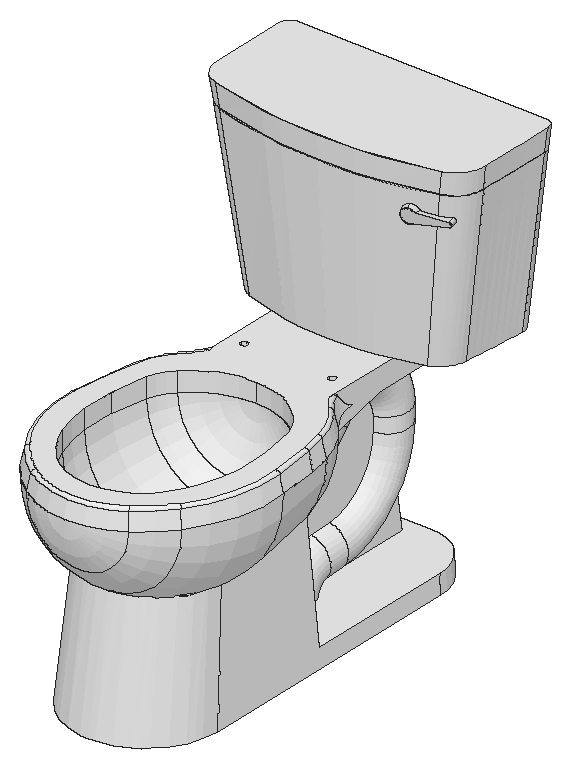
Revit family "Plumbing-Pressure-Assist-Water-Closet-Sloan-Valve-WETS-80098116_", category Plumbing Fixtures, host Face, Revit 2019
Family settings
  Host = Face
  Round Connector Dimension = Use Diameter
  Part Type = Normal
  OmniClass Number = 23.45.05.21.11.11
  OmniClass Title = Water Operated Water Closets
  Cut with Voids When Loaded = No
  Shared = No
  Room Calculation Point = No
Parameters (values of type "WETS-8009.8116")
  Width = 18 1/4"  # constant formula
  Water Closet Code = "2108009"
  Valve Pressure Drop = 0.00 psi
  Tank Code = "2108116"
  Sanitary Drain Connector Description = "Sanitary Drain Connector d2 1/8\""
  Sanitary Drain Connection Diameter = 2 1/8"  # constant formula
  Real Distance to Wall [instance] = if(Distance to Wall < 3/4", 3/4", Distance to Wall)  # 3/4"
  Waste Connection = yes
  WFU = 10
  Vent Connection = yes
  URL = "www.sloanvalve.com"
  Product data url = "https://bimobject.com/sloan_valve/product/pressure-assist-water-closets_sloan_wets-80098116"
  Product Material = Sloan Valve - Vitreous China - White
  Product Guid = ""
  Part Number = "WETS-8009.8116"
  Model = "WETS-8009.8116"
  Minimum Static Pressure = "25 PSI (138 kPa)"  # constant formula
  Maximum Static Pressure = "80 PSI (552 kPa)"  # constant formula
  Manufacturer = "Sloan Valve"  # constant formula
  Keynote = "15410"
  Height = 28 1/4"  # constant formula
  HWFU = 0
  HW Connection = yes
  Flush Rate = "1.0 gpf (3.8 Lpf)"
  Depth = 30 3/8"  # constant formula
  Cold Water Connector Description = "Cold Water Connector d1/2\""
  Cold Water Connection Diameter = 1/2"  # constant formula
  Edition number = 1
  Distance to Wall [instance] = 3/4"
  Description = "Floor-Mounted 1.0 gpf (3.8 Lpf) 12\" Rough-in Pressure-Assisted/Tank Toilet."
  Default Elevation = 0"
  CWFU = 10
  CW Connection = yes
  Assembly Code = "D2010"
  ADA Compliant [instance] = 1 = 2  # no
Reference planes
  plane 1 "Center (Front/Back)": y = 0
  plane 2: z = 0
  plane 3 "Center (Left/Right)": x = 0
  plane 4: x = -201.612
  plane 5: x = 201.613
  plane 6: y = -762.786
  plane 7: y = -19.05
  plane 8: x = -201.612
  plane 9: x = 201.613
  plane 10: y = -756.436
  plane 11: y = -12.7
Forms (mm)
  Blend 1, solid, material "Sloan Valve - Vitreous China - White" <- "Product Material"
    base sketch origin (0, 0, 0) x (1, 0, 0) y (0, 1, 0)
      loop
        arc (-34.925, -45.045) -> (-97.787, -71.084) -> (-123.825, -133.945) r 88.9
        line (-123.825, -133.945) -> (-123.825, -615.95)
        arc (-123.825, -615.95) -> (0, -739.775) -> (123.825, -615.95) r 123.825
        line (123.825, -615.95) -> (123.825, -133.945)
        arc (123.825, -133.945) -> (97.787, -71.084) -> (34.925, -45.045) r 88.9
        line (34.925, -45.045) -> (-34.925, -45.045)
    top sketch origin (0, 0, 0) x (1, 0, 0) y (0, 1, 0)
      loop
        arc (-109.537, -584.301) -> (0, -693.838) -> (109.537, -584.301) r 109.537
        line (109.537, -584.301) -> (109.537, -133.945)
        arc (109.537, -133.945) -> (83.499, -71.084) -> (20.637, -45.045) r 88.9
        line (20.637, -45.045) -> (-20.637, -45.045)
        arc (-20.637, -45.045) -> (-83.499, -71.084) -> (-109.537, -133.945) r 88.9
        line (-109.537, -133.945) -> (-109.537, -584.301)
    from 0 to 312.058
  Extrusion 2, solid, material "Sloan Valve - Vitreous China - White" <- "Product Material"
    sketch origin (0, 0, -25.4) x (0, 1, 0) y (0, 0, 1)
      loop
        line (-369.05, 348.14) -> (-241.882, 379.846) -> (-70.211, 379.846) -> (-64.931, 440.2) -> (-185.947, 440.2)
        arc (-185.947, 440.2) -> (-192.127, 425.28) -> (-207.047, 419.1) r 21.1
        line (-207.047, 419.1) -> (-369.05, 419.1) -> (-369.05, 348.14)
    from -104.047 to 104.047
  Sweep 3, solid, material "Sloan Valve - Vitreous China - White" <- "Product Material"
    path origin (0, 0, 0) x (0, 1, 0) y (0, 0, 1)
      loop
        line (-304.8, 0) -> (-304.8, 30.289)
        arc (-304.8, 30.289) -> (-293.174, 59.429) -> (-264.682, 72.564) r 42.333
        line (-264.682, 72.564) -> (-226.487, 74.566)
        arc (-226.487, 74.566) -> (-134.627, 116.914) -> (-97.145, 210.864) r 136.485
        line (-97.145, 210.864) -> (-97.145, 236.948)
        arc (-97.145, 236.948) -> (-144.28, 307.387) -> (-227.373, 290.682) r 76.2
        arc (-227.373, 290.682) -> (-233.15, 284.615) -> (-238.657, 278.301) r 192.236
        arc (-238.657, 278.301) -> (-334.604, 206.706) -> (-452.54, 186.145) r 257.901
    profile origin (0, -304.8, 15.145) x (0, -1, 0) y (1, 0, 0)
      loop
        circle (0, 0) r 38.1
  Extrusion 4, solid, material "Sloan Valve - Vitreous China - White" <- "Product Material"
    sketch origin (22.443, 0, 0) x (0, 1, 0) y (0, 0, 1)
      loop
        line (-68.2, 389.4) -> (-235.377, 389.4) -> (-261.569, 382.87) -> (-496.95, 175.082) -> (-484.132, 28.575) -> (-70.397, 28.575)
        arc (-70.397, 28.575) -> (-82.455, 126.803) -> (-68.088, 224.72) r 370.607
        arc (-68.088, 224.72) -> (-59.936, 265.377) -> (-58.507, 306.818) r 254
        arc (-58.507, 306.818) -> (-61.916, 348.278) -> (-68.2, 389.4) r 598.021
    from -28.793 to -16.093
  Extrusion 5, solid, not visible
    sketch origin (0, 0, 0) x (1, 0, 0) y (0, 0, 1)
      loop
        circle (-152.4, 254) r 6.35
    from 0 to 0.794
  Blend 6, solid, material "Sloan Valve - Vitreous China - White" <- "Product Material"
    base sketch origin (0, 0.822, 430.81) x (1, 0, 0) y (0, 1, 0)
      loop
        line (-196.16, -48.519) -> (-186.739, -156.202)
        arc (-186.739, -156.202) -> (-176.518, -182.59) -> (-153.766, -199.416) r 50.8
        arc (-153.766, -199.416) -> (0, -226.96) -> (153.766, -199.416) r 442.975
        arc (153.766, -199.416) -> (176.518, -182.59) -> (186.739, -156.202) r 50.8
        line (186.739, -156.202) -> (196.16, -48.519)
        arc (196.16, -48.519) -> (191.227, -33.989) -> (177.182, -27.809) r 19.05
        line (177.182, -27.809) -> (-177.182, -27.809)
        arc (-177.182, -27.809) -> (-191.227, -33.989) -> (-196.16, -48.519) r 19.05
    top sketch origin (0, 0.822, 430.81) x (1, 0, 0) y (0, 1, 0)
      loop
        arc (-212.725, -19.872) -> (-226.195, -25.451) -> (-231.775, -38.922) r 19.05
        line (-231.775, -38.922) -> (-231.775, -172.47)
        arc (-231.775, -172.47) -> (-221.507, -203.094) -> (-194.854, -221.338) r 50.8
        arc (-194.854, -221.338) -> (0, -248.472) -> (194.854, -221.338) r 713.209
        arc (194.854, -221.338) -> (221.507, -203.094) -> (231.775, -172.47) r 50.8
        line (231.775, -172.47) -> (231.775, -38.922)
        arc (231.775, -38.922) -> (226.195, -25.451) -> (212.725, -19.872) r 19.05
        line (212.725, -19.872) -> (-212.725, -19.872)
    from -37.11 to 286.74
  Revolve 7, solid, material "Sloan Valve - Vitreous China - White" <- "Product Material"
    sketch origin (0, -107.509, 360.363) x (1, 0, 0) y (0, 1, 0)
      loop
        line (0, -683.066) -> (0, -633.619)
        arc (0, -633.619) -> (-54.455, -620.155) -> (-96.361, -582.866) r 116.854
        arc (-96.361, -582.866) -> (-108.844, -562.27) -> (-118.928, -540.399) r 213.603
        arc (-118.928, -540.399) -> (-129.044, -507.813) -> (-134.203, -474.085) r 228.843
        arc (-134.203, -474.085) -> (-133.643, -413.542) -> (-122.68, -353.997) r 350.763
        arc (-122.68, -353.997) -> (-114.097, -332.991) -> (-100.788, -314.61) r 95.25
        arc (-100.788, -314.61) -> (-55.004, -282.028) -> (0, -270.524) r 137.251
        line (0, -270.524) -> (0, -209.239)
        arc (0, -209.239) -> (-18.194, -209.694) -> (-36.342, -211.057) r 364.157
        arc (-36.342, -211.057) -> (-122.715, -249.087) -> (-170.133, -330.684) r 152.4
        arc (-170.133, -330.684) -> (-180.229, -386.679) -> (-186.583, -443.221) r 855.912
        arc (-186.583, -443.221) -> (-178.018, -528.288) -> (-140.189, -604.962) r 240.102
        arc (-140.189, -604.962) -> (-116.352, -632.223) -> (-88.426, -655.277) r 223.457
        arc (-88.426, -655.277) -> (-46.345, -675.956) -> (0, -683.066) r 154.581
      axis (0, -209.239) -> (0, -683.066)
    angle from 0 to 180
  Extrusion 8, solid, material "Vitreous China-Sloan-White"
    sketch origin (0, -122.297, -1.685) x (1, 0, 0) y (0, 0, 1)
      loop
        arc (57.698, 221.011) -> (0.981, 212.195) -> (-56.307, 215.748) r 266.082
        line (-56.307, 215.748) -> (-39.243, 151.174)
        arc (-39.243, 151.174) -> (0, 120.954) -> (39.243, 151.174) r 40.59
        line (39.243, 151.174) -> (57.698, 221.011)
    from 346.299 to 429.496
  Blend 9, solid, material "Sloan Valve - Vitreous China - White" <- "Product Material"
    base sketch origin (0, -108.545, 375.1) x (1, 0, 0) y (0, 0, 1)
      loop
        line (25.325, -14.42) -> (-25.325, -14.42) -> (-25.325, -20.654)
        arc (-25.325, -20.654) -> (0, -45.979) -> (25.325, -20.654) r 25.325
        line (25.325, -20.654) -> (25.325, -14.42)
    top sketch origin (0, -108.545, 375.1) x (1, 0, 0) y (0, 0, 1)
      loop
        line (46.038, -14.42) -> (-46.037, -14.42) -> (-46.037, -23.887)
        arc (-46.037, -23.887) -> (0, -69.925) -> (46.038, -23.887) r 46.037
        line (46.038, -23.887) -> (46.038, -14.42)
    from 129.035 to 108.105
  Blend 10, solid, material "Sloan Valve - Vitreous China - White" <- "Product Material"
    base sketch origin (0, -108.545, 375.1) x (1, 0, 0) y (0, 0, 1)
      loop
        line (46.038, -14.42) -> (-46.037, -14.42) -> (-46.037, -23.887)
        arc (-46.037, -23.887) -> (0, -69.925) -> (46.038, -23.887) r 46.037
        line (46.038, -23.887) -> (46.038, -14.42)
    top sketch origin (0, -108.545, 375.1) x (1, 0, 0) y (0, 0, 1)
      loop
        line (46.038, -14.42) -> (-46.037, -14.42) -> (-46.037, -43.731)
        arc (-46.037, -43.731) -> (0, -89.769) -> (46.038, -43.731) r 46.038
        line (46.038, -43.731) -> (46.038, -14.42)
    from 108.105 to 38.1
  Sweep 11, solid, material "Sloan Valve - Vitreous China - White" <- "Product Material"
    path origin (0, -122.297, 0) x (0, 1, 0) y (0, 0, 1)
      loop
        arc (-352.549, 201.173) -> (-327.484, 201.16) -> (-302.744, 205.182) r 155.194
        arc (-302.744, 205.182) -> (-278.132, 217.142) -> (-260.549, 238.11) r 65.532
        arc (-260.549, 238.11) -> (-246.125, 268.805) -> (-234.718, 300.744) r 352.298
        arc (-234.718, 300.744) -> (-234.446, 301.431) -> (-234.066, 302.064) r 4.499
        arc (-234.066, 302.064) -> (-210.936, 321.963) -> (-181.277, 329.121) r 65.024
        line (-181.277, 329.121) -> (-115.283, 329.121)
    profile origin (0, -270.577, 329.121) x (0, 0, 1) y (1, 0, 0)
      loop
        line (25.325, -25.325) -> (25.325, 25.325)
        arc (25.325, 25.325) -> (0, 0) -> (25.325, -25.325) r 25.325
  Sweep 12, solid, material "Sloan Valve - Vitreous China - White" <- "Product Material"
    path origin (0, 0, 0) x (1, 0, 0) y (0, 1, 0)
      loop
        line (-104.047, -185.947) -> (-104.047, -295.646)
        arc (-104.047, -295.646) -> (-111.251, -333.222) -> (-131.841, -365.47) r 101.6
        arc (-131.841, -365.47) -> (-155.982, -399.201) -> (-170.133, -438.192) r 152.4
        arc (-170.133, -438.192) -> (-174.125, -457.895) -> (-177.652, -477.686) r 855.912
        arc (-177.652, -477.686) -> (-182.903, -514.112) -> (-186.583, -550.729) r 855.912
        arc (-186.583, -550.729) -> (-178.018, -635.797) -> (-140.189, -712.47) r 240.102
        arc (-140.189, -712.47) -> (-116.352, -739.732) -> (-88.426, -762.786) r 223.457
        arc (-88.426, -762.786) -> (0, -790.575) -> (88.426, -762.786) r 154.581
        arc (88.426, -762.786) -> (116.352, -739.732) -> (140.189, -712.47) r 223.457
        arc (140.189, -712.47) -> (178.018, -635.797) -> (186.583, -550.729) r 240.102
        arc (186.583, -550.729) -> (182.903, -514.112) -> (177.652, -477.686) r 855.912
        arc (177.652, -477.686) -> (174.125, -457.895) -> (170.133, -438.192) r 855.912
        arc (170.133, -438.192) -> (155.982, -399.201) -> (131.841, -365.47) r 152.4
        arc (131.841, -365.47) -> (111.251, -333.222) -> (104.047, -295.646) r 101.6
        line (104.047, -295.646) -> (104.047, -185.947)
    profile origin (0, -790.575, 0) x (0, 1, 0) y (0, 0, 1)
      loop
        line (0, 360.362) -> (18.191, 360.362) -> (18.191, 393.7) -> (12.748, 393.7)
        arc (12.748, 393.7) -> (8.795, 392.32) -> (6.56, 388.778) r 6.35
        line (6.56, 388.778) -> (0, 360.362)
  Extrusion 13, void
    sketch origin (0, 0, 0) x (1, 0, 0) y (0, 1, 0)
      loop
        arc (118.928, -647.907) -> (129.044, -615.321) -> (134.203, -581.593) r 228.843
        arc (134.203, -581.593) -> (135.243, -552.98) -> (133.946, -524.377) r 350.763
        arc (133.946, -524.377) -> (129.747, -492.684) -> (122.68, -461.506) r 350.763
        arc (122.68, -461.506) -> (114.097, -440.499) -> (100.788, -422.119) r 95.25
        arc (100.788, -422.119) -> (55.004, -389.536) -> (0, -378.032) r 137.251
        arc (0, -378.032) -> (-55.004, -389.536) -> (-100.788, -422.119) r 137.251
        arc (-100.788, -422.119) -> (-114.097, -440.499) -> (-122.68, -461.506) r 95.25
        arc (-122.68, -461.506) -> (-129.747, -492.684) -> (-133.946, -524.377) r 350.763
        arc (-133.946, -524.377) -> (-135.243, -552.98) -> (-134.203, -581.593) r 350.763
        arc (-134.203, -581.593) -> (-129.044, -615.321) -> (-118.928, -647.907) r 228.843
        arc (-118.928, -647.907) -> (-108.844, -669.778) -> (-96.361, -690.375) r 213.603
        arc (-96.361, -690.375) -> (-54.455, -727.664) -> (0, -741.127) r 116.854
        arc (0, -741.127) -> (54.455, -727.664) -> (96.361, -690.375) r 116.854
        arc (96.361, -690.375) -> (108.844, -669.778) -> (118.928, -647.907) r 213.603
    from 360.362 to 393.7
  Extrusion 14, solid, material "Sloan Valve - Vitreous China - White" <- "Product Material"
    sketch origin (0, 0, 0) x (1, 0, 0) y (0, 1, 0)
      loop
        arc (-168.448, -552.159) -> (-160.532, -630.781) -> (-125.569, -701.646) r 221.912
        arc (-125.569, -701.646) -> (-103.673, -726.688) -> (-78.02, -747.865) r 205.266
        arc (-78.02, -747.865) -> (0, -772.384) -> (78.02, -747.865) r 136.39
        arc (78.02, -747.865) -> (103.673, -726.688) -> (125.569, -701.646) r 205.266
        arc (125.569, -701.646) -> (160.532, -630.781) -> (168.448, -552.159) r 221.912
        arc (168.448, -552.159) -> (164.847, -516.319) -> (159.708, -480.668) r 837.721
        arc (159.708, -480.668) -> (156.255, -461.297) -> (152.348, -442.013) r 837.721
        arc (152.348, -442.013) -> (139.886, -407.676) -> (118.627, -377.971) r 134.209
        arc (118.627, -377.971) -> (110.867, -368.903) -> (104.047, -359.107) r 119.791
        line (104.047, -359.107) -> (104.047, -369.05) -> (-104.047, -369.05) -> (-104.047, -359.107)
        arc (-104.047, -359.107) -> (-110.867, -368.903) -> (-118.627, -377.971) r 119.791
        arc (-118.627, -377.971) -> (-139.886, -407.676) -> (-152.348, -442.013) r 134.209
        arc (-152.348, -442.013) -> (-156.255, -461.297) -> (-159.708, -480.668) r 837.721
        arc (-159.708, -480.668) -> (-164.847, -516.319) -> (-168.448, -552.159) r 837.721
    from 360.362 to 393.7
  Extrusion 15, void
    sketch origin (0, 0, 0) x (0, 1, 0) y (0, 0, 1)
      loop
        line (-419.1, 368.114) -> (-395.566, 31.564) -> (-10.202, 31.564) -> (-10.202, 368.114) -> (-419.1, 368.114)
    from -219.74 to 304.8
  Revolve 16, void
    sketch origin (0, -107.509, 360.363) x (1, 0, 0) y (0, 1, 0)
      loop
        line (0, -639.969) -> (0, -264.174)
        arc (0, -264.174) -> (-57.549, -276.21) -> (-105.451, -310.3) r 143.601
        arc (-105.451, -310.3) -> (-119.647, -329.906) -> (-128.802, -352.313) r 101.6
        arc (-128.802, -352.313) -> (-139.964, -412.935) -> (-140.534, -474.574) r 357.113
        arc (-140.534, -474.574) -> (-135.232, -509.238) -> (-124.835, -542.728) r 235.193
        arc (-124.835, -542.728) -> (-114.451, -565.249) -> (-101.598, -586.458) r 219.953
        arc (-101.598, -586.458) -> (-57.414, -625.773) -> (0, -639.969) r 123.204
      axis (0, -264.174) -> (0, -639.969)
    angle from 0 to 180
  Extrusion 17, void
    sketch origin (0, 0, 0) x (1, 0, 0) y (0, 1, 0)
      loop
        arc (-212.725, -19.05) -> (-226.195, -24.63) -> (-231.775, -38.1) r 19.05
        line (-231.775, -38.1) -> (-231.775, -171.649)
        arc (-231.775, -171.649) -> (-221.507, -202.272) -> (-194.854, -220.516) r 50.8
        arc (-194.854, -220.516) -> (0, -247.65) -> (194.854, -220.516) r 713.209
        arc (194.854, -220.516) -> (221.507, -202.272) -> (231.775, -171.649) r 50.8
        line (231.775, -171.649) -> (231.775, -38.1)
        arc (231.775, -38.1) -> (226.195, -24.63) -> (212.725, -19.05) r 19.05
        line (212.725, -19.05) -> (-212.725, -19.05)
      loop
        line (-225.425, -38.1) -> (-225.425, -171.649)
        arc (-225.425, -171.649) -> (-216.441, -198.444) -> (-193.119, -214.408) r 44.45
        arc (-193.119, -214.408) -> (0, -241.3) -> (193.119, -214.408) r 706.859
        arc (193.119, -214.408) -> (216.441, -198.444) -> (225.425, -171.649) r 44.45
        line (225.425, -171.649) -> (225.425, -38.1)
        arc (225.425, -38.1) -> (221.705, -29.12) -> (212.725, -25.4) r 12.7
        line (212.725, -25.4) -> (-212.725, -25.4)
        arc (-212.725, -25.4) -> (-221.705, -29.12) -> (-225.425, -38.1) r 12.7
    from 678.093 to 679.681
  Extrusion 18, void
    sketch origin (0, 0, 0) x (1, 0, 0) y (0, 1, 0)
      loop
        circle (-76.2, -307.975) r 6.35
      loop
        circle (76.2, -307.975) r 6.35
    from 341.312 to 499.954
  Blend 19, solid, material "Sloan Valve - Vitreous China - White" <- "Product Material", not visible
    base sketch origin (0, 6.35, 0) x (1, 0, 0) y (0, 1, 0)
      loop
        arc (-34.925, -45.045) -> (-97.787, -71.084) -> (-123.825, -133.945) r 88.9
        line (-123.825, -133.945) -> (-123.825, -615.95)
        arc (-123.825, -615.95) -> (0, -739.775) -> (123.825, -615.95) r 123.825
        line (123.825, -615.95) -> (123.825, -133.945)
        arc (123.825, -133.945) -> (97.787, -71.084) -> (34.925, -45.045) r 88.9
        line (34.925, -45.045) -> (-34.925, -45.045)
    top sketch origin (0, 6.35, 0) x (1, 0, 0) y (0, 1, 0)
      loop
        arc (-109.537, -584.301) -> (0, -693.838) -> (109.537, -584.301) r 109.537
        line (109.537, -584.301) -> (109.537, -133.945)
        arc (109.537, -133.945) -> (83.499, -71.084) -> (20.637, -45.045) r 88.9
        line (20.637, -45.045) -> (-20.637, -45.045)
        arc (-20.637, -45.045) -> (-83.499, -71.084) -> (-109.537, -133.945) r 88.9
        line (-109.537, -133.945) -> (-109.537, -584.301)
    from 0 to 312.058
  Extrusion 20, solid, material "Sloan Valve - Vitreous China - White" <- "Product Material", not visible
    sketch origin (0, 6.35, -25.4) x (0, 1, 0) y (0, 0, 1)
      loop
        line (-369.05, 348.14) -> (-241.882, 379.846) -> (-70.211, 379.846) -> (-64.931, 440.2) -> (-185.947, 440.2)
        arc (-185.947, 440.2) -> (-192.127, 425.28) -> (-207.047, 419.1) r 21.1
        line (-207.047, 419.1) -> (-369.05, 419.1) -> (-369.05, 348.14)
    from -104.047 to 104.047
  Sweep 21, solid, material "Sloan Valve - Vitreous China - White" <- "Product Material", not visible
    path origin (0, 6.35, 0) x (0, 1, 0) y (0, 0, 1)
      loop
        line (-304.8, 0) -> (-304.8, 30.289)
        arc (-304.8, 30.289) -> (-293.174, 59.429) -> (-264.682, 72.564) r 42.333
        line (-264.682, 72.564) -> (-226.487, 74.566)
        arc (-226.487, 74.566) -> (-134.627, 116.914) -> (-97.145, 210.864) r 136.485
        line (-97.145, 210.864) -> (-97.145, 236.948)
        arc (-97.145, 236.948) -> (-144.28, 307.387) -> (-227.373, 290.682) r 76.2
        arc (-227.373, 290.682) -> (-233.15, 284.615) -> (-238.657, 278.301) r 192.236
        arc (-238.657, 278.301) -> (-334.604, 206.706) -> (-452.54, 186.145) r 257.901
    profile origin (0, -298.45, 15.145) x (0, -1, 0) y (1, 0, 0)
      loop
        circle (0, 0) r 38.1
  Extrusion 22, solid, material "Sloan Valve - Vitreous China - White" <- "Product Material", not visible
    sketch origin (22.443, 6.35, 0) x (0, 1, 0) y (0, 0, 1)
      loop
        line (-68.2, 389.4) -> (-235.377, 389.4) -> (-261.569, 382.87) -> (-496.95, 175.082) -> (-484.132, 28.575) -> (-70.397, 28.575)
        arc (-70.397, 28.575) -> (-82.455, 126.803) -> (-68.088, 224.72) r 370.607
        arc (-68.088, 224.72) -> (-59.936, 265.377) -> (-58.507, 306.818) r 254
        arc (-58.507, 306.818) -> (-61.916, 348.278) -> (-68.2, 389.4) r 598.021
    from -28.793 to -16.093
  Blend 23, solid, material "Sloan Valve - Vitreous China - White" <- "Product Material", not visible
    base sketch origin (0, 7.172, 430.81) x (1, 0, 0) y (0, 1, 0)
      loop
        line (-196.16, -48.519) -> (-186.739, -156.202)
        arc (-186.739, -156.202) -> (-176.518, -182.59) -> (-153.766, -199.416) r 50.8
        arc (-153.766, -199.416) -> (0, -226.96) -> (153.766, -199.416) r 442.975
        arc (153.766, -199.416) -> (176.518, -182.59) -> (186.739, -156.202) r 50.8
        line (186.739, -156.202) -> (196.16, -48.519)
        arc (196.16, -48.519) -> (191.227, -33.989) -> (177.182, -27.809) r 19.05
        line (177.182, -27.809) -> (-177.182, -27.809)
        arc (-177.182, -27.809) -> (-191.227, -33.989) -> (-196.16, -48.519) r 19.05
    top sketch origin (0, 7.172, 430.81) x (1, 0, 0) y (0, 1, 0)
      loop
        arc (-212.725, -19.872) -> (-226.195, -25.451) -> (-231.775, -38.922) r 19.05
        line (-231.775, -38.922) -> (-231.775, -172.47)
        arc (-231.775, -172.47) -> (-221.507, -203.094) -> (-194.854, -221.338) r 50.8
        arc (-194.854, -221.338) -> (0, -248.472) -> (194.854, -221.338) r 713.209
        arc (194.854, -221.338) -> (221.507, -203.094) -> (231.775, -172.47) r 50.8
        line (231.775, -172.47) -> (231.775, -38.922)
        arc (231.775, -38.922) -> (226.195, -25.451) -> (212.725, -19.872) r 19.05
        line (212.725, -19.872) -> (-212.725, -19.872)
    from -37.11 to 286.74
  Revolve 24, solid, material "Sloan Valve - Vitreous China - White" <- "Product Material", not visible
    sketch origin (0, -101.159, 360.363) x (1, 0, 0) y (0, 1, 0)
      loop
        line (0, -683.066) -> (0, -633.619)
        arc (0, -633.619) -> (-54.455, -620.155) -> (-96.361, -582.866) r 116.854
        arc (-96.361, -582.866) -> (-108.844, -562.27) -> (-118.928, -540.399) r 213.603
        arc (-118.928, -540.399) -> (-129.044, -507.813) -> (-134.203, -474.085) r 228.843
        arc (-134.203, -474.085) -> (-133.643, -413.542) -> (-122.68, -353.997) r 350.763
        arc (-122.68, -353.997) -> (-114.097, -332.991) -> (-100.788, -314.61) r 95.25
        arc (-100.788, -314.61) -> (-55.004, -282.028) -> (0, -270.524) r 137.251
        line (0, -270.524) -> (0, -209.239)
        arc (0, -209.239) -> (-18.194, -209.694) -> (-36.342, -211.057) r 364.157
        arc (-36.342, -211.057) -> (-122.715, -249.087) -> (-170.133, -330.684) r 152.4
        arc (-170.133, -330.684) -> (-180.229, -386.679) -> (-186.583, -443.221) r 855.912
        arc (-186.583, -443.221) -> (-178.018, -528.288) -> (-140.189, -604.962) r 240.102
        arc (-140.189, -604.962) -> (-116.352, -632.223) -> (-88.426, -655.277) r 223.457
        arc (-88.426, -655.277) -> (-46.345, -675.956) -> (0, -683.066) r 154.581
      axis (0, -209.239) -> (0, -683.066)
    angle from 0 to 180
  Extrusion 25, solid, material "Vitreous China-Sloan-White", not visible
    sketch origin (0, -115.947, -1.685) x (1, 0, 0) y (0, 0, 1)
      loop
        arc (57.698, 221.011) -> (0.981, 212.195) -> (-56.307, 215.748) r 266.082
        line (-56.307, 215.748) -> (-39.243, 151.174)
        arc (-39.243, 151.174) -> (0, 120.954) -> (39.243, 151.174) r 40.59
        line (39.243, 151.174) -> (57.698, 221.011)
    from 346.299 to 429.496
  Blend 26, solid, material "Sloan Valve - Vitreous China - White" <- "Product Material", not visible
    base sketch origin (0, -102.195, 375.1) x (1, 0, 0) y (0, 0, 1)
      loop
        line (25.325, -14.42) -> (-25.325, -14.42) -> (-25.325, -20.654)
        arc (-25.325, -20.654) -> (0, -45.979) -> (25.325, -20.654) r 25.325
        line (25.325, -20.654) -> (25.325, -14.42)
    top sketch origin (0, -102.195, 375.1) x (1, 0, 0) y (0, 0, 1)
      loop
        line (46.038, -14.42) -> (-46.037, -14.42) -> (-46.037, -23.887)
        arc (-46.037, -23.887) -> (0, -69.925) -> (46.038, -23.887) r 46.037
        line (46.038, -23.887) -> (46.038, -14.42)
    from 129.035 to 108.105
  Blend 27, solid, material "Sloan Valve - Vitreous China - White" <- "Product Material", not visible
    base sketch origin (0, -102.195, 375.1) x (1, 0, 0) y (0, 0, 1)
      loop
        line (46.038, -14.42) -> (-46.037, -14.42) -> (-46.037, -23.887)
        arc (-46.037, -23.887) -> (0, -69.925) -> (46.038, -23.887) r 46.037
        line (46.038, -23.887) -> (46.038, -14.42)
    top sketch origin (0, -102.195, 375.1) x (1, 0, 0) y (0, 0, 1)
      loop
        line (46.038, -14.42) -> (-46.037, -14.42) -> (-46.037, -43.731)
        arc (-46.037, -43.731) -> (0, -89.769) -> (46.038, -43.731) r 46.038
        line (46.038, -43.731) -> (46.038, -14.42)
    from 108.105 to 38.1
  Sweep 28, solid, material "Sloan Valve - Vitreous China - White" <- "Product Material", not visible
    path origin (0, -115.947, 0) x (0, 1, 0) y (0, 0, 1)
      loop
        arc (-352.549, 201.173) -> (-327.484, 201.16) -> (-302.744, 205.182) r 155.194
        arc (-302.744, 205.182) -> (-278.132, 217.142) -> (-260.549, 238.11) r 65.532
        arc (-260.549, 238.11) -> (-246.125, 268.805) -> (-234.718, 300.744) r 352.298
        arc (-234.718, 300.744) -> (-234.446, 301.431) -> (-234.066, 302.064) r 4.499
        arc (-234.066, 302.064) -> (-210.936, 321.963) -> (-181.277, 329.121) r 65.024
        line (-181.277, 329.121) -> (-115.283, 329.121)
    profile origin (0, -264.227, 329.121) x (0, 0, 1) y (1, 0, 0)
      loop
        line (25.325, -25.325) -> (25.325, 25.325)
        arc (25.325, 25.325) -> (0, 0) -> (25.325, -25.325) r 25.325
  Sweep 29, solid, material "Sloan Valve - Vitreous China - White" <- "Product Material", not visible
    path origin (0, 6.35, 0) x (1, 0, 0) y (0, 1, 0)
      loop
        line (-104.047, -185.947) -> (-104.047, -295.646)
        arc (-104.047, -295.646) -> (-111.251, -333.222) -> (-131.841, -365.47) r 101.6
        arc (-131.841, -365.47) -> (-155.982, -399.201) -> (-170.133, -438.192) r 152.4
        arc (-170.133, -438.192) -> (-174.125, -457.895) -> (-177.652, -477.686) r 855.912
        arc (-177.652, -477.686) -> (-182.903, -514.112) -> (-186.583, -550.729) r 855.912
        arc (-186.583, -550.729) -> (-178.018, -635.797) -> (-140.189, -712.47) r 240.102
        arc (-140.189, -712.47) -> (-116.352, -739.732) -> (-88.426, -762.786) r 223.457
        arc (-88.426, -762.786) -> (0, -790.575) -> (88.426, -762.786) r 154.581
        arc (88.426, -762.786) -> (116.352, -739.732) -> (140.189, -712.47) r 223.457
        arc (140.189, -712.47) -> (178.018, -635.797) -> (186.583, -550.729) r 240.102
        arc (186.583, -550.729) -> (182.903, -514.112) -> (177.652, -477.686) r 855.912
        arc (177.652, -477.686) -> (174.125, -457.895) -> (170.133, -438.192) r 855.912
        arc (170.133, -438.192) -> (155.982, -399.201) -> (131.841, -365.47) r 152.4
        arc (131.841, -365.47) -> (111.251, -333.222) -> (104.047, -295.646) r 101.6
        line (104.047, -295.646) -> (104.047, -185.947)
    profile origin (0, -784.225, 0) x (0, 1, 0) y (0, 0, 1)
      loop
        line (0, 360.362) -> (18.191, 360.362) -> (18.191, 393.7) -> (12.748, 393.7)
        arc (12.748, 393.7) -> (8.795, 392.32) -> (6.56, 388.778) r 6.35
        line (6.56, 388.778) -> (0, 360.362)
  Extrusion 30, void, not visible
    sketch origin (0, 6.35, 0) x (1, 0, 0) y (0, 1, 0)
      loop
        arc (118.928, -647.907) -> (129.044, -615.321) -> (134.203, -581.593) r 228.843
        arc (134.203, -581.593) -> (135.243, -552.98) -> (133.946, -524.377) r 350.763
        arc (133.946, -524.377) -> (129.747, -492.684) -> (122.68, -461.506) r 350.763
        arc (122.68, -461.506) -> (114.097, -440.499) -> (100.788, -422.119) r 95.25
        arc (100.788, -422.119) -> (55.004, -389.536) -> (0, -378.032) r 137.251
        arc (0, -378.032) -> (-55.004, -389.536) -> (-100.788, -422.119) r 137.251
        arc (-100.788, -422.119) -> (-114.097, -440.499) -> (-122.68, -461.506) r 95.25
        arc (-122.68, -461.506) -> (-129.747, -492.684) -> (-133.946, -524.377) r 350.763
        arc (-133.946, -524.377) -> (-135.243, -552.98) -> (-134.203, -581.593) r 350.763
        arc (-134.203, -581.593) -> (-129.044, -615.321) -> (-118.928, -647.907) r 228.843
        arc (-118.928, -647.907) -> (-108.844, -669.778) -> (-96.361, -690.375) r 213.603
        arc (-96.361, -690.375) -> (-54.455, -727.664) -> (0, -741.127) r 116.854
        arc (0, -741.127) -> (54.455, -727.664) -> (96.361, -690.375) r 116.854
        arc (96.361, -690.375) -> (108.844, -669.778) -> (118.928, -647.907) r 213.603
    from 360.362 to 393.7
  Extrusion 31, solid, material "Sloan Valve - Vitreous China - White" <- "Product Material", not visible
    sketch origin (0, 6.35, 0) x (1, 0, 0) y (0, 1, 0)
      loop
        arc (-168.448, -552.159) -> (-160.532, -630.781) -> (-125.569, -701.646) r 221.912
        arc (-125.569, -701.646) -> (-103.673, -726.688) -> (-78.02, -747.865) r 205.266
        arc (-78.02, -747.865) -> (0, -772.384) -> (78.02, -747.865) r 136.39
        arc (78.02, -747.865) -> (103.673, -726.688) -> (125.569, -701.646) r 205.266
        arc (125.569, -701.646) -> (160.532, -630.781) -> (168.448, -552.159) r 221.912
        arc (168.448, -552.159) -> (164.847, -516.319) -> (159.708, -480.668) r 837.721
        arc (159.708, -480.668) -> (156.255, -461.297) -> (152.348, -442.013) r 837.721
        arc (152.348, -442.013) -> (139.886, -407.676) -> (118.627, -377.971) r 134.209
        arc (118.627, -377.971) -> (110.867, -368.903) -> (104.047, -359.107) r 119.791
        line (104.047, -359.107) -> (104.047, -369.05) -> (-104.047, -369.05) -> (-104.047, -359.107)
        arc (-104.047, -359.107) -> (-110.867, -368.903) -> (-118.627, -377.971) r 119.791
        arc (-118.627, -377.971) -> (-139.886, -407.676) -> (-152.348, -442.013) r 134.209
        arc (-152.348, -442.013) -> (-156.255, -461.297) -> (-159.708, -480.668) r 837.721
        arc (-159.708, -480.668) -> (-164.847, -516.319) -> (-168.448, -552.159) r 837.721
    from 360.362 to 393.7
  Extrusion 32, void, not visible
    sketch origin (0, 6.35, 0) x (0, 1, 0) y (0, 0, 1)
      loop
        line (-419.1, 368.114) -> (-395.566, 31.564) -> (-10.202, 31.564) -> (-10.202, 368.114) -> (-419.1, 368.114)
    from -219.74 to 304.8
  Revolve 33, void, not visible
    sketch origin (0, -101.159, 360.363) x (1, 0, 0) y (0, 1, 0)
      loop
        line (0, -639.969) -> (0, -264.174)
        arc (0, -264.174) -> (-57.549, -276.21) -> (-105.451, -310.3) r 143.601
        arc (-105.451, -310.3) -> (-119.647, -329.906) -> (-128.802, -352.313) r 101.6
        arc (-128.802, -352.313) -> (-139.964, -412.935) -> (-140.534, -474.574) r 357.113
        arc (-140.534, -474.574) -> (-135.232, -509.238) -> (-124.835, -542.728) r 235.193
        arc (-124.835, -542.728) -> (-114.451, -565.249) -> (-101.598, -586.458) r 219.953
        arc (-101.598, -586.458) -> (-57.414, -625.773) -> (0, -639.969) r 123.204
      axis (0, -264.174) -> (0, -639.969)
    angle from 0 to 180
  Extrusion 34, void, not visible
    sketch origin (0, 6.35, 0) x (1, 0, 0) y (0, 1, 0)
      loop
        arc (-212.725, -19.05) -> (-226.195, -24.63) -> (-231.775, -38.1) r 19.05
        line (-231.775, -38.1) -> (-231.775, -171.649)
        arc (-231.775, -171.649) -> (-221.507, -202.272) -> (-194.854, -220.516) r 50.8
        arc (-194.854, -220.516) -> (0, -247.65) -> (194.854, -220.516) r 713.209
        arc (194.854, -220.516) -> (221.507, -202.272) -> (231.775, -171.649) r 50.8
        line (231.775, -171.649) -> (231.775, -38.1)
        arc (231.775, -38.1) -> (226.195, -24.63) -> (212.725, -19.05) r 19.05
        line (212.725, -19.05) -> (-212.725, -19.05)
      loop
        line (-225.425, -38.1) -> (-225.425, -171.649)
        arc (-225.425, -171.649) -> (-216.441, -198.444) -> (-193.119, -214.408) r 44.45
        arc (-193.119, -214.408) -> (0, -241.3) -> (193.119, -214.408) r 706.859
        arc (193.119, -214.408) -> (216.441, -198.444) -> (225.425, -171.649) r 44.45
        line (225.425, -171.649) -> (225.425, -38.1)
        arc (225.425, -38.1) -> (221.705, -29.12) -> (212.725, -25.4) r 12.7
        line (212.725, -25.4) -> (-212.725, -25.4)
        arc (-212.725, -25.4) -> (-221.705, -29.12) -> (-225.425, -38.1) r 12.7
    from 678.093 to 679.681
  Extrusion 35, void, not visible
    sketch origin (0, 6.35, 0) x (1, 0, 0) y (0, 1, 0)
      loop
        circle (-76.2, -307.975) r 6.35
      loop
        circle (76.2, -307.975) r 6.35
    from 341.312 to 499.954
  Extrusion 36, solid, material "Sloan Valve - Finish - Polished Chrome"
    sketch origin (20.292, -269.587, 900.595) x (0.97881, 0.203994, 0.017847) y (0, -0.087156, 0.996195)
      loop
        line (127, -257.261) -> (127, -277.149) -> (188.955, -269.542)
        arc (188.955, -269.542) -> (192.467, -265.466) -> (188.747, -261.579) r 4.001
        line (188.747, -261.579) -> (127, -257.261)
    from 0 to 12.7
  Revolve 37, solid, material "Sloan Valve - Finish - Polished Chrome"
    sketch origin (369.854, -1316.287, 809.02) x (0.204773, -0.975085, -0.085309) y (0, -0.087156, 0.996195)
      loop
        line (-1100.014, -265.639) -> (-1100.014, -282.465) -> (-1087.756, -278.482) -> (-1087.314, -277.803) -> (-1087.314, -265.639) -> (-1100.014, -265.639)
      axis (-1100.014, -265.639) -> (-1087.314, -265.639)
    angle from 0 to 360
  Extrusion 38, solid, material "Sloan Valve - Finish - Polished Chrome", not visible
    sketch origin (20.292, -263.237, 900.595) x (0.97881, 0.203994, 0.017847) y (0, -0.087156, 0.996195)
      loop
        line (127, -257.261) -> (127, -277.149) -> (188.955, -269.542)
        arc (188.955, -269.542) -> (192.467, -265.466) -> (188.747, -261.579) r 4.001
        line (188.747, -261.579) -> (127, -257.261)
    from 0 to 12.7
  Revolve 39, solid, material "Sloan Valve - Finish - Polished Chrome", not visible
    sketch origin (369.854, -1309.937, 809.02) x (0.204773, -0.975085, -0.085309) y (0, -0.087156, 0.996195)
      loop
        line (-1100.014, -265.639) -> (-1100.014, -282.465) -> (-1087.756, -278.482) -> (-1087.314, -277.803) -> (-1087.314, -265.639) -> (-1100.014, -265.639)
      axis (-1100.014, -265.639) -> (-1087.314, -265.639)
    angle from 0 to 360
Cuts and joins
  Extrusion 15, Revolve 16 cuts Blend 1
  Extrusion 18 cuts Extrusion 2
  Extrusion 13 cuts Extrusion 14
  joined: Extrusion 2, Sweep 12, Extrusion 14
  Extrusion 17 cuts Blend 6
  joined: Extrusion 36, Revolve 37
Lines and regions (mm)
  Masking region 1
    outline origin (0, 0, 0) x (1, 0, 0) y (0, 1, 0)
      loop
        line (212.725, -19.05) -> (-212.725, -19.05)
        arc (-212.725, -19.05) -> (-226.195, -24.63) -> (-231.775, -38.1) r 19.05
        line (-231.775, -38.1) -> (-231.775, -171.649)
        arc (-231.775, -171.649) -> (-221.507, -202.272) -> (-194.854, -220.516) r 50.8
        arc (-194.854, -220.516) -> (-159.548, -229.575) -> (-123.825, -236.819) r 713.209
        line (-123.825, -236.819) -> (-123.825, -355.877)
        arc (-123.825, -355.877) -> (-127.686, -360.797) -> (-131.841, -365.47) r 101.6
        arc (-131.841, -365.47) -> (-155.982, -399.201) -> (-170.133, -438.192) r 152.4
        arc (-170.133, -438.192) -> (-174.125, -457.895) -> (-177.652, -477.686) r 855.912
        arc (-177.652, -477.686) -> (-182.903, -514.112) -> (-186.583, -550.729) r 855.912
        arc (-186.583, -550.729) -> (-178.018, -635.797) -> (-140.189, -712.47) r 240.102
        arc (-140.189, -712.47) -> (-116.352, -739.732) -> (-88.426, -762.786) r 223.457
        arc (-88.426, -762.786) -> (0, -790.575) -> (88.426, -762.786) r 154.581
        arc (88.426, -762.786) -> (116.352, -739.732) -> (140.189, -712.47) r 223.457
        arc (140.189, -712.47) -> (178.018, -635.797) -> (186.583, -550.729) r 240.102
        arc (186.583, -550.729) -> (182.903, -514.112) -> (177.652, -477.686) r 855.912
        arc (177.652, -477.686) -> (174.125, -457.895) -> (170.133, -438.192) r 855.912
        arc (170.133, -438.192) -> (155.982, -399.201) -> (131.841, -365.47) r 152.4
        arc (131.841, -365.47) -> (127.686, -360.797) -> (123.825, -355.877) r 101.6
        line (123.825, -355.877) -> (123.825, -236.819)
        arc (123.825, -236.819) -> (159.548, -229.575) -> (194.854, -220.516) r 713.209
        arc (194.854, -220.516) -> (221.507, -202.272) -> (231.775, -171.649) r 50.8
        line (231.775, -171.649) -> (231.775, -38.1)
        arc (231.775, -38.1) -> (226.195, -24.63) -> (212.725, -19.05) r 19.05
  Masking region 2, not visible
    outline origin (0, -2124.178, 0) x (1, 0, 0) y (0, 1, 0)
      loop
        line (212.725, -19.05) -> (-212.725, -19.05)
        arc (-212.725, -19.05) -> (-226.195, -24.63) -> (-231.775, -38.1) r 19.05
        line (-231.775, -38.1) -> (-231.775, -171.649)
        arc (-231.775, -171.649) -> (-221.507, -202.272) -> (-194.854, -220.516) r 50.8
        arc (-194.854, -220.516) -> (-159.548, -229.575) -> (-123.825, -236.819) r 713.209
        line (-123.825, -236.819) -> (-123.825, -355.877)
        arc (-123.825, -355.877) -> (-127.686, -360.797) -> (-131.841, -365.47) r 101.6
        arc (-131.841, -365.47) -> (-155.982, -399.201) -> (-170.133, -438.192) r 152.4
        arc (-170.133, -438.192) -> (-174.125, -457.895) -> (-177.652, -477.686) r 855.912
        arc (-177.652, -477.686) -> (-182.903, -514.112) -> (-186.583, -550.729) r 855.912
        arc (-186.583, -550.729) -> (-178.018, -635.797) -> (-140.189, -712.47) r 240.102
        arc (-140.189, -712.47) -> (-116.352, -739.732) -> (-88.426, -762.786) r 223.457
        arc (-88.426, -762.786) -> (0, -790.575) -> (88.426, -762.786) r 154.581
        arc (88.426, -762.786) -> (116.352, -739.732) -> (140.189, -712.47) r 223.457
        arc (140.189, -712.47) -> (178.018, -635.797) -> (186.583, -550.729) r 240.102
        arc (186.583, -550.729) -> (182.903, -514.112) -> (177.652, -477.686) r 855.912
        arc (177.652, -477.686) -> (174.125, -457.895) -> (170.133, -438.192) r 855.912
        arc (170.133, -438.192) -> (155.982, -399.201) -> (131.841, -365.47) r 152.4
        arc (131.841, -365.47) -> (127.686, -360.797) -> (123.825, -355.877) r 101.6
        line (123.825, -355.877) -> (123.825, -236.819)
        arc (123.825, -236.819) -> (159.548, -229.575) -> (194.854, -220.516) r 713.209
        arc (194.854, -220.516) -> (221.507, -202.272) -> (231.775, -171.649) r 50.8
        line (231.775, -171.649) -> (231.775, -38.1)
        arc (231.775, -38.1) -> (226.195, -24.63) -> (212.725, -19.05) r 19.05
  symbolic lines, detail levels medium+fine
    curve 1: arc (-123.825, -236.819, 0) -> (0, -247.65, 0) -> (123.825, -236.819, 0) r 713.209
  symbolic lines, detail levels fine
    curve 2: arc (-100.788, -422.119, 0) -> (-55.004, -389.536, 0) -> (0, -378.032, 0) r 137.251
    curve 3: arc (0, -378.032, 0) -> (55.004, -389.536, 0) -> (100.788, -422.119, 0) r 137.251
    curve 4: arc (100.788, -422.119, 0) -> (114.097, -440.499, 0) -> (122.68, -461.506, 0) r 95.25
    curve 5: arc (122.68, -461.506, 0) -> (129.747, -492.684, 0) -> (133.946, -524.377, 0) r 350.763
    curve 6: arc (133.946, -524.377, 0) -> (135.243, -552.98, 0) -> (134.203, -581.593, 0) r 350.763
    curve 7: arc (134.203, -581.593, 0) -> (129.044, -615.321, 0) -> (118.928, -647.907, 0) r 228.843
    curve 8: arc (118.928, -647.907, 0) -> (108.844, -669.778, 0) -> (96.361, -690.375, 0) r 213.603
    curve 9: arc (96.361, -690.375, 0) -> (54.455, -727.664, 0) -> (0, -741.127, 0) r 116.854
    curve 10: arc (0, -741.127, 0) -> (-54.455, -727.664, 0) -> (-96.361, -690.375, 0) r 116.854
    curve 11: arc (-96.361, -690.375, 0) -> (-108.844, -669.778, 0) -> (-118.928, -647.907, 0) r 213.603
    curve 12: arc (-118.928, -647.907, 0) -> (-129.044, -615.321, 0) -> (-134.203, -581.593, 0) r 228.843
    curve 13: arc (-134.203, -581.593, 0) -> (-135.243, -552.98, 0) -> (-133.946, -524.377, 0) r 350.763
    curve 14: arc (-133.946, -524.377, 0) -> (-129.747, -492.684, 0) -> (-122.68, -461.506, 0) r 350.763
    curve 15: arc (-122.68, -461.506, 0) -> (-114.097, -440.499, 0) -> (-100.788, -422.119, 0) r 95.25
    curve 16: circle (-76.2, -307.975, 0) r 6.35 normal (0, 0, 1)
    curve 17: circle (76.2, -307.975, 0) r 6.35 normal (0, 0, 1)
  symbolic lines, not visible, detail levels medium+fine
    curve 18: arc (-123.825, -2360.996, 0) -> (0, -2371.828, 0) -> (123.825, -2360.996, 0) r 713.209
  symbolic lines, not visible, detail levels fine
    curve 19: arc (-100.788, -2546.297, 0) -> (-55.004, -2513.714, 0) -> (0, -2502.21, 0) r 137.251
    curve 20: arc (0, -2502.21, 0) -> (55.004, -2513.714, 0) -> (100.788, -2546.297, 0) r 137.251
    curve 21: arc (100.788, -2546.297, 0) -> (114.097, -2564.677, 0) -> (122.68, -2585.683, 0) r 95.25
    curve 22: arc (122.68, -2585.683, 0) -> (129.747, -2616.862, 0) -> (133.946, -2648.554, 0) r 350.763
    curve 23: arc (133.946, -2648.554, 0) -> (135.243, -2677.157, 0) -> (134.203, -2705.771, 0) r 350.763
    curve 24: arc (134.203, -2705.771, 0) -> (129.044, -2739.499, 0) -> (118.928, -2772.085, 0) r 228.843
    curve 25: arc (118.928, -2772.085, 0) -> (108.844, -2793.956, 0) -> (96.361, -2814.553, 0) r 213.603
    curve 26: arc (96.361, -2814.553, 0) -> (54.455, -2851.841, 0) -> (0, -2865.305, 0) r 116.854
    curve 27: arc (0, -2865.305, 0) -> (-54.455, -2851.841, 0) -> (-96.361, -2814.553, 0) r 116.854
    curve 28: arc (-96.361, -2814.553, 0) -> (-108.844, -2793.956, 0) -> (-118.928, -2772.085, 0) r 213.603
    curve 29: arc (-118.928, -2772.085, 0) -> (-129.044, -2739.499, 0) -> (-134.203, -2705.771, 0) r 228.843
    curve 30: arc (-134.203, -2705.771, 0) -> (-135.243, -2677.157, 0) -> (-133.946, -2648.554, 0) r 350.763
    curve 31: arc (-133.946, -2648.554, 0) -> (-129.747, -2616.862, 0) -> (-122.68, -2585.683, 0) r 350.763
    curve 32: arc (-122.68, -2585.683, 0) -> (-114.097, -2564.677, 0) -> (-100.788, -2546.297, 0) r 95.25
    curve 33: circle (-76.2, -2432.153, 0) r 6.35 normal (0, 0, 1)
    curve 34: circle (76.2, -2432.153, 0) r 6.35 normal (0, 0, 1)
Dimensions and locks
  plane 1 "Center (Front/Back)" to plane 7 = 3/4"
  "Real Distance to Wall": plane 7 to plane 1 "Center (Front/Back)"
  aligned and locked: plane 2 to host face
  aligned and locked: level to host face
  aligned and locked: Masking region 1 to plane 7
Automatic sketch dimensions
  host sketch curve to host sketch curve = 96"  (x2)
  Masking region 1 sketch curve to Masking region 1 sketch curve = 0"  (x15)
  Masking region 1 sketch curve to Masking region 1 sketch curve = 17.12237"
  Masking region 1 sketch curve to Masking region 1 sketch curve = 3/4"
  Masking region 1 sketch curve to Masking region 1 sketch curve = 1.02866"
  Masking region 1 sketch curve to Masking region 1 sketch curve = 2"  (x2)
  Masking region 1 sketch curve to Masking region 1 sketch curve = 2 1/4"  (x2)
  Masking region 1 sketch curve to Masking region 1 sketch curve = 2.79716"
  Masking region 1 sketch curve to Masking region 1 sketch curve = 0.52667"  (x2)
  Masking region 1 sketch curve to Masking region 1 sketch curve = 1.24583"
  Masking region 1 sketch curve to Masking region 1 sketch curve = 8 3/8"
  Masking region 1 sketch curve to Masking region 1 sketch curve = 1.55117"  (x2)
  Masking region 1 sketch curve to Masking region 1 sketch curve = 1.66402"
  Masking region 1 sketch curve to Masking region 1 sketch curve = 9 3/4"
  Masking region 1 sketch curve to Masking region 1 sketch curve = 3.22134"
  Masking region 1 sketch curve to Masking region 1 sketch curve = 1 1/4"
  Masking region 1 sketch curve to Masking region 1 sketch curve = 18.15103"
  Masking region 1 sketch curve to Masking region 1 sketch curve = 0.70915"  (x2)
  Masking region 1 sketch curve to Masking region 1 sketch curve = 2.22418"  (x2)
  Masking region 1 sketch curve to Masking region 1 sketch curve = 0.38996"  (x2)
  Masking region 1 sketch curve to Masking region 1 sketch curve = 3.913"
  Masking region 1 sketch curve to Masking region 1 sketch curve = 4.50109"  (x2)
  Masking region 1 sketch curve to Masking region 1 sketch curve = 2.37129"  (x2)
  Masking region 1 sketch curve to Masking region 1 sketch curve = 2.31605"  (x2)
  Masking region 1 sketch curve to Masking region 1 sketch curve = 2.56575"  (x2)
  Masking region 1 sketch curve to Masking region 1 sketch curve = 5 33/128"
  Masking region 1 sketch curve to Masking region 1 sketch curve = 19.0791"
  Masking region 1 sketch curve to Masking region 1 sketch curve = 5.26793"
  Masking region 1 sketch curve to Masking region 1 sketch curve = 0.29604"  (x2)
  Masking region 2 sketch curve to Masking region 2 sketch curve = 0"  (x15)
  Masking region 2 sketch curve to Masking region 2 sketch curve = 17.12237"
  Masking region 2 sketch curve to Masking region 2 sketch curve = 3/4"
  Masking region 2 sketch curve to Masking region 2 sketch curve = 1.02866"
  Masking region 2 sketch curve to Masking region 2 sketch curve = 2"  (x2)
  Masking region 2 sketch curve to Masking region 2 sketch curve = 2 1/4"  (x2)
  Masking region 2 sketch curve to Masking region 2 sketch curve = 2.79716"
  Masking region 2 sketch curve to Masking region 2 sketch curve = 0.52667"  (x2)
  Masking region 2 sketch curve to Masking region 2 sketch curve = 1.24583"
  Masking region 2 sketch curve to Masking region 2 sketch curve = 8 3/8"
  Masking region 2 sketch curve to Masking region 2 sketch curve = 1.55117"  (x2)
  Masking region 2 sketch curve to Masking region 2 sketch curve = 1.66402"
  Masking region 2 sketch curve to Masking region 2 sketch curve = 9 3/4"
  Masking region 2 sketch curve to Masking region 2 sketch curve = 3.22134"
  Masking region 2 sketch curve to Masking region 2 sketch curve = 1 1/4"
  Masking region 2 sketch curve to Masking region 2 sketch curve = 18.15103"
  Masking region 2 sketch curve to Masking region 2 sketch curve = 0.70915"  (x2)
  Masking region 2 sketch curve to Masking region 2 sketch curve = 2.22418"  (x2)
  Masking region 2 sketch curve to Masking region 2 sketch curve = 0.38996"  (x2)
  Masking region 2 sketch curve to Masking region 2 sketch curve = 3.913"
  Masking region 2 sketch curve to Masking region 2 sketch curve = 4.50109"  (x2)
  Masking region 2 sketch curve to Masking region 2 sketch curve = 2.37129"  (x2)
  Masking region 2 sketch curve to Masking region 2 sketch curve = 2.31605"  (x2)
  Masking region 2 sketch curve to Masking region 2 sketch curve = 2.56575"  (x2)
  Masking region 2 sketch curve to Masking region 2 sketch curve = 5 33/128"
  Masking region 2 sketch curve to Masking region 2 sketch curve = 19.0791"
  Masking region 2 sketch curve to Masking region 2 sketch curve = 5.26793"
  Masking region 2 sketch curve to Masking region 2 sketch curve = 0.29604"  (x2)
  plane 7 to Blend 1 sketch curve = 23 1/2"
  Blend 1 sketch curve to Blend 1 sketch curve = 3 1/2"  (x2)
  Blend 1 sketch curve to Blend 1 sketch curve = 4 7/8"
  Blend 1 sketch curve to Blend 1 sketch curve = 2 3/4"
  plane 7 to Blend 1 sketch curve = 4 67/128"
  plane 7 to Blend 1 sketch curve = 22.25397"
  plane 7 to Blend 1 sketch curve = 1 3/128"
  Blend 1 sketch curve to Blend 1 sketch curve = 4 5/16"
  Blend 1 sketch curve to Blend 1 sketch curve = 1 5/8"
  plane 7 to Extrusion 2 sketch curve = 13.77953"
  Extrusion 2 sketch curve to Extrusion 2 sketch curve = 5.00662"
  Extrusion 2 sketch curve to Extrusion 2 sketch curve = 1.37144"
  Extrusion 2 sketch curve to Extrusion 2 sketch curve = 0.83072"
  plane 7 to Extrusion 2 sketch curve = 2.01421"
  plane 7 to Extrusion 2 sketch curve = 1.80632"
  Extrusion 2 sketch curve to Extrusion 2 sketch curve = 1.24829"
  Extrusion 2 sketch curve to Extrusion 2 sketch curve = 2.7937"
  plane 7 to Sweep 3 sketch curve = 16.44118"
  plane 7 to Sweep 3 sketch curve = 11 1/4"
  Sweep 3 sketch curve to Sweep 3 sketch curve = 1.57944"
  Sweep 3 sketch curve to Sweep 3 sketch curve = 1.66667"
  Sweep 3 sketch curve to Sweep 3 sketch curve = 1.22254"
  Sweep 3 sketch curve to Sweep 3 sketch curve = 1.50376"
  Sweep 3 sketch curve to Sweep 3 sketch curve = 2.37343"
  Sweep 3 sketch curve to Sweep 3 sketch curve = 3"
  Sweep 3 sketch curve to Sweep 3 sketch curve = 0.23912"
  Sweep 3 sketch curve to Sweep 3 sketch curve = 0.07881"
  Sweep 3 sketch curve to Sweep 3 sketch curve = 2.19457"
  Sweep 3 sketch curve to Sweep 3 sketch curve = 1.02691"
  Sweep 3 sketch curve to Sweep 3 sketch curve = 6.01869"
  Sweep 3 sketch curve to Sweep 3 sketch curve = 5.81653"
  Sweep 3 sketch curve to Sweep 3 sketch curve = 0.44425"
  Sweep 3 sketch curve to Sweep 3 sketch curve = 0"
  Sweep 3 sketch curve to Sweep 3 sketch curve = 1.19248"
  Sweep 3 sketch curve to profile plane = 0"  (x2)
  plane 7 to Extrusion 4 sketch curve = 25.07129"
  Extrusion 4 sketch curve to Extrusion 4 sketch curve = 6.25633"
  Extrusion 4 sketch curve to Extrusion 4 sketch curve = 0.50463"
  Extrusion 4 sketch curve to Extrusion 4 sketch curve = 7.2727"
  Extrusion 4 sketch curve to Extrusion 4 sketch curve = 1.99428"
  Extrusion 4 sketch curve to Extrusion 4 sketch curve = 1.03117"
  plane 7 to Extrusion 4 sketch curve = 2.02153"
  plane 7 to Extrusion 4 sketch curve = 1.93503"
  Extrusion 4 sketch curve to plane 7 = 12.09356"
  Extrusion 4 sketch curve to Extrusion 4 sketch curve = 3.6955"
  Extrusion 4 sketch curve to Extrusion 4 sketch curve = 5.768"
  Extrusion 4 sketch curve to Extrusion 4 sketch curve = 4 19/256"
  Extrusion 4 sketch curve to Extrusion 4 sketch curve = 4.71404"
  Extrusion 4 sketch curve to Extrusion 4 sketch curve = 3.46658"
  Extrusion 4 sketch curve to Extrusion 4 sketch curve = 0.2571"
  Extrusion 4 sketch curve to Extrusion 4 sketch curve = 0"
  plane 4 to Blend 6 sketch curve = 0.21467"
  plane 4 to Blend 6 sketch curve = 0.58558"
  plane 7 to Blend 6 sketch curve = 5/16"
  plane 4 to Blend 6 sketch curve = 0.96182"
  Blend 6 sketch curve to Blend 6 sketch curve = 1.99239"
  plane 4 to Blend 6 sketch curve = 7 15/16"
  plane 5 to Blend 6 sketch curve = 2.57797"
  plane 5 to Blend 6 sketch curve = 0.96182"
  plane 5 to Blend 6 sketch curve = 0.58558"
  plane 5 to Blend 6 sketch curve = 0.21467"
  Blend 6 sketch curve to Blend 6 sketch curve = 3/4"  (x2)
  Blend 6 sketch curve to Blend 6 sketch curve = 4.13053"  (x2)
  Blend 6 sketch curve to Blend 6 sketch curve = 0.17431"  (x2)
  Blend 6 sketch curve to plane 7 = 9.28691"
  Blend 6 sketch curve to Blend 6 sketch curve = 0"  (x2)
  plane 7 to Blend 6 sketch curve = 0"
  plane 7 to Blend 6 sketch curve = 6 1/128"  (x2)
  plane 7 to Blend 6 sketch curve = 3/4"  (x2)
  Blend 6 sketch curve to Blend 6 sketch curve = 2"
  Blend 6 sketch curve to Blend 6 sketch curve = 8 3/8"
  Blend 6 sketch curve to Blend 6 sketch curve = 14 1/4"
  Blend 6 sketch curve to Blend 6 sketch curve = 1 1/4"
  Blend 6 sketch curve to plane 7 = 19.0791"
  plane 7 to Revolve 7 sketch curve = 18.41431"
  Revolve 7 sketch curve to Revolve 7 sketch curve = 0.38226"
  Revolve 7 sketch curve to Revolve 7 sketch curve = 213/256"
  Revolve 7 sketch curve to Revolve 7 sketch curve = 0"  (x10)
  Revolve 7 sketch curve to Revolve 7 sketch curve = 1.55117"
  Revolve 7 sketch curve to Revolve 7 sketch curve = 0.52667"
  Revolve 7 sketch curve to Revolve 7 sketch curve = 1.06316"
  Revolve 7 sketch curve to Revolve 7 sketch curve = 0.55817"
  Revolve 7 sketch curve to Revolve 7 sketch curve = 4.78572"
  Revolve 7 sketch curve to Revolve 7 sketch curve = 17.76248"
  Revolve 7 sketch curve to Revolve 7 sketch curve = 1.12242"
  Revolve 7 sketch curve to Revolve 7 sketch curve = 1.54616"
  Revolve 7 sketch curve to Revolve 7 sketch curve = 1.91616"
  Revolve 7 sketch curve to Revolve 7 sketch curve = 0.22012"
  Revolve 7 sketch curve to Revolve 7 sketch curve = 0.002"
  Revolve 7 sketch curve to Revolve 7 sketch curve = 0.38996"
  Revolve 7 sketch curve to Revolve 7 sketch curve = 2.4971"
  Revolve 7 sketch curve to Revolve 7 sketch curve = 1.76271"
  Revolve 7 sketch curve to Revolve 7 sketch curve = 0.46147"
  Revolve 7 sketch curve to Revolve 7 sketch curve = 1.76813"
  Revolve 7 sketch curve to Revolve 7 sketch curve = 2.37097"
  Revolve 7 sketch curve to Revolve 7 sketch curve = 1.94676"
  Revolve 7 sketch curve to Revolve 7 sketch curve = 0.65231"
  Revolve 7 sketch curve to Revolve 7 sketch curve = 3.62883"
  Revolve 7 sketch curve to Revolve 7 sketch curve = 2.41279"
  Revolve 7 sketch curve to Revolve 7 sketch curve = 0.18389"
  Revolve 7 sketch curve to Revolve 7 sketch curve = 1/2"
  Extrusion 8 sketch curve to Extrusion 8 sketch curve = 0.67182"
  Extrusion 8 sketch curve to Extrusion 8 sketch curve = 1.77234"
  Extrusion 8 sketch curve to Extrusion 8 sketch curve = 1.545"  (x2)
  Extrusion 8 sketch curve to Extrusion 8 sketch curve = 93/128"
  Extrusion 8 sketch curve to Extrusion 8 sketch curve = 0.40828"
  Extrusion 8 sketch curve to Extrusion 8 sketch curve = 2.54228"
  Extrusion 8 sketch curve to Extrusion 8 sketch curve = 2.74948"
  Blend 9 sketch curve to Blend 9 sketch curve = 0.99706"
  Blend 9 sketch curve to Blend 9 sketch curve = 0.24541"
  Blend 9 sketch curve to Blend 9 sketch curve = 1 13/16"
  Blend 9 sketch curve to Blend 9 sketch curve = 0.37271"
  Blend 10 sketch curve to Blend 10 sketch curve = 1 13/16"  (x2)
  Blend 10 sketch curve to Blend 10 sketch curve = 0.37271"
  Blend 10 sketch curve to Blend 10 sketch curve = 1.15396"
  plane 7 to Sweep 11 sketch curve = 26.57715"
  Sweep 11 sketch curve to Sweep 11 sketch curve = 9.12902"
  Sweep 11 sketch curve to Sweep 11 sketch curve = 0.84594"
  Sweep 11 sketch curve to Sweep 11 sketch curve = 3.46596"
  Sweep 11 sketch curve to Sweep 11 sketch curve = 1.9345"
  Sweep 11 sketch curve to Sweep 11 sketch curve = 0.18533"
  Sweep 11 sketch curve to Sweep 11 sketch curve = 1.3913"
  Sweep 11 sketch curve to Sweep 11 sketch curve = 1.1687"
  Sweep 11 sketch curve to Sweep 11 sketch curve = 3.42714"
  Sweep 11 sketch curve to Sweep 11 sketch curve = 1.86098"
  Sweep 11 sketch curve to Sweep 11 sketch curve = 1.34254"
  Sweep 11 sketch curve to Sweep 11 sketch curve = 1.96082"
  Sweep 11 sketch curve to Sweep 11 sketch curve = 0"  (x3)
  Sweep 11 sketch curve to Sweep 11 sketch curve = 2.59819"
  Sweep 11 sketch curve to profile plane = 0"
  Sweep 11 sketch curve to profile plane = 0.99706"  (x2)
  Sweep 12 sketch curve to Sweep 12 sketch curve = 0"  (x10)
  Sweep 12 sketch curve to plane 6 = 0"  (x4)
  plane 6 to Sweep 12 sketch curve = 5.70094"  (x2)
  plane 7 to Sweep 12 sketch curve = 10.88962"
  Sweep 12 sketch curve to Sweep 12 sketch curve = 18.15103"  (x2)
  Sweep 12 sketch curve to Sweep 12 sketch curve = 4"  (x2)
  Sweep 12 sketch curve to Sweep 12 sketch curve = 2.01849"
  Sweep 12 sketch curve to Sweep 12 sketch curve = 0.52667"  (x2)
  Sweep 12 sketch curve to Sweep 12 sketch curve = 1.24583"
  Sweep 12 sketch curve to Sweep 12 sketch curve = 1.55117"  (x2)
  Sweep 12 sketch curve to Sweep 12 sketch curve = 1.66402"
  Sweep 12 sketch curve to Sweep 12 sketch curve = 3.26432"
  plane 6 to Sweep 12 sketch curve = 4.99179"
  Sweep 12 sketch curve to Sweep 12 sketch curve = 2.22418"
  Sweep 12 sketch curve to Sweep 12 sketch curve = 0.38996"  (x2)
  Sweep 12 sketch curve to Sweep 12 sketch curve = 3.913"
  Sweep 12 sketch curve to Sweep 12 sketch curve = 6.87238"
  Sweep 12 sketch curve to Sweep 12 sketch curve = 5.26793"
  Sweep 12 sketch curve to Sweep 12 sketch curve = 0.29604"  (x2)
  Sweep 12 sketch curve to Sweep 12 sketch curve = 4.31887"  (x2)
  Sweep 12 sketch curve to profile plane = 0"
  Sweep 12 sketch curve to profile plane = 0.25828"
  Sweep 12 sketch curve to Sweep 12 sketch curve = 0.24359"
  Sweep 12 sketch curve to profile plane = 0.71616"
  profile plane to Sweep 12 sketch curve = 14 3/16"
  Sweep 12 sketch curve to Sweep 12 sketch curve = 1 1/16"
  Sweep 12 sketch curve to Sweep 12 sketch curve = 0.05624"
  Extrusion 13 sketch curve to Extrusion 13 sketch curve = 0"  (x18)
  plane 7 to Extrusion 13 sketch curve = 21.08289"
  Extrusion 13 sketch curve to Extrusion 13 sketch curve = 4.78572"  (x2)
  Extrusion 13 sketch curve to Extrusion 13 sketch curve = 0.55817"  (x2)
  Extrusion 13 sketch curve to Extrusion 13 sketch curve = 1.92673"  (x2)
  Extrusion 13 sketch curve to Extrusion 13 sketch curve = 3.141"
  Extrusion 13 sketch curve to Extrusion 13 sketch curve = 1.21427"  (x2)
  Extrusion 13 sketch curve to Extrusion 13 sketch curve = 0.37"  (x2)
  Extrusion 13 sketch curve to Extrusion 13 sketch curve = 0.22012"  (x2)
  Extrusion 13 sketch curve to Extrusion 13 sketch curve = 2.15467"
  Extrusion 13 sketch curve to Extrusion 13 sketch curve = 2.13627"
  Extrusion 13 sketch curve to Extrusion 13 sketch curve = 1.12242"  (x2)
  Extrusion 13 sketch curve to Extrusion 13 sketch curve = 1.58443"
  Extrusion 13 sketch curve to Extrusion 13 sketch curve = 1.57431"  (x2)
  Extrusion 14 sketch curve to Extrusion 14 sketch curve = 0"  (x13)
  plane 7 to Extrusion 14 sketch curve = 23.57999"  (x2)
  plane 7 to Extrusion 14 sketch curve = 10.88962"
  Extrusion 14 sketch curve to Extrusion 14 sketch curve = 18.15103"  (x2)
  Extrusion 14 sketch curve to Extrusion 14 sketch curve = 4"  (x2)
  Extrusion 14 sketch curve to Extrusion 14 sketch curve = 2.01849"
  Extrusion 14 sketch curve to Extrusion 14 sketch curve = 0.52667"  (x2)
  Extrusion 14 sketch curve to Extrusion 14 sketch curve = 1.24583"
  Extrusion 14 sketch curve to Extrusion 14 sketch curve = 1.55117"  (x2)
  Extrusion 14 sketch curve to Extrusion 14 sketch curve = 1.66402"
  Extrusion 14 sketch curve to Extrusion 14 sketch curve = 3.26432"
  Extrusion 14 sketch curve to Extrusion 14 sketch curve = 13.39952"
  Extrusion 14 sketch curve to Extrusion 14 sketch curve = 2.22418"  (x2)
  Extrusion 14 sketch curve to Extrusion 14 sketch curve = 0.38996"  (x2)
  Extrusion 14 sketch curve to Extrusion 14 sketch curve = 3.913"
